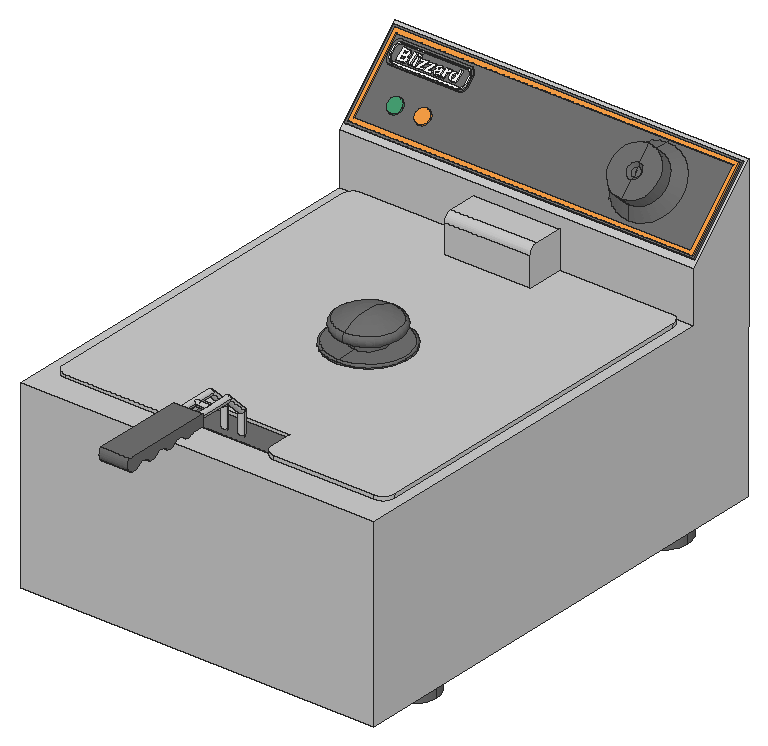
Revit family "QF_BLIZZARD_BF6", category Specialty Equipment, Revit 2016
Family settings
  Part Type = Normal
  Round Connector Dimension = Use Diameter
  OmniClass Number = 23.40.40.14
  OmniClass Title = Food Service Equipment
  Work Plane-Based = No
  Always vertical = Yes
  Cut with Voids When Loaded = No
  Shared = No
  Room Calculation Point = No
Parameters (values of type "BF6")
  URL = "www.blizzardequipment.com"
  Show Logo [instance] = yes
  Show Clearance [instance] = yes
  Model = "BF6"
  Manufacturer = "BLIZZARD"
  Description = "2500W SINGLE TANK ELECTRIC FRYER 6L"
  Assembly Code = "E1090320"
Reference planes
  plane 1 "Back": y = 0
  plane 2: z = 0
  plane 3 "Left": x = 0
  plane 4 "Right": x = 310
  plane 5 "Front": y = -410
  plane 6 "Top": z = 285
Forms (mm)
  Extrusion 1, solid
    sketch origin (0, 0, -120) x (0, 1, 0) y (0, 0, 1)
      loop
        line (0, 345) -> (-60, 345) -> (-60, 300.012) -> (0, 300.012) -> (0, 345)
    from 0 to 310
  Extrusion 2, solid
    sketch origin (0, 0, -45.012) x (0, 1, 0) y (0, 0, 1)
      loop
        line (0, 270.012) -> (0, 330.012) -> (-60, 270.012) -> (0, 270.012)
    from 0 to 310
  Extrusion 3, solid
    sketch origin (0, 0, 0) x (0, 1, 0) y (0, 0, 1)
      loop
        line (0, 180.012) -> (-410, 180.012) -> (-410, 19.509) -> (0, 19.509) -> (0, 180.012)
    from 0 to 310
  Extrusion 4, solid
    sketch origin (0, 0, -55) x (1, 0, 0) y (0, 1, 0)
      loop
        arc (20, -60) -> (12.929, -62.929) -> (10, -70) r 10
        line (10, -70) -> (10, -375)
        arc (10, -375) -> (12.929, -382.071) -> (20, -385) r 10
        line (20, -385) -> (107.5, -385)
        arc (107.5, -385) -> (114.571, -382.071) -> (117.5, -375) r 10
        line (117.5, -375) -> (117.5, -355) -> (192.5, -355) -> (192.5, -375)
        arc (192.5, -375) -> (195.429, -382.071) -> (202.5, -385) r 10
        line (202.5, -385) -> (290, -385)
        arc (290, -385) -> (297.071, -382.071) -> (300, -375) r 10
        line (300, -375) -> (300, -70)
        arc (300, -70) -> (297.071, -62.929) -> (290, -60) r 10
        line (290, -60) -> (192.5, -60) -> (192.5, -92.071) -> (117.5, -92.071) -> (117.5, -60) -> (20, -60)
    from 235.012 to 238.012
  Extrusion 5, solid
    sketch origin (10, 0, -65) x (0, 1, 0) y (0, 0, 1)
      loop
        line (-92.071, 245.012) -> (-60, 245.012) -> (-60, 280.012) -> (-85, 280.012)
        arc (-85, 280.012) -> (-90, 277.941) -> (-92.071, 272.941) r 7.071
        line (-92.071, 272.941) -> (-92.071, 245.012)
    from 107.5 to 182.5
  Extrusion 6, solid
    sketch origin (0, 44.77, 0) x (1, 0, 0) y (0, 1, 0)
      loop
        circle (32.179, -94.77) r 20
    from 0 to 19.509
  Extrusion 7, solid
    sketch origin (245, 44.77, 0) x (1, 0, 0) y (0, 1, 0)
      loop
        circle (32.179, -94.77) r 20
    from 0 to 19.509
  Extrusion 8, solid
    sketch origin (0, -230.23, 0) x (1, 0, 0) y (0, 1, 0)
      loop
        circle (32.179, -94.77) r 20
    from 0 to 19.509
  Extrusion 9, solid
    sketch origin (245, -230.23, 0) x (1, 0, 0) y (0, 1, 0)
      loop
        circle (32.179, -94.77) r 20
    from 0 to 19.509
  Extrusion 10, solid
    sketch origin (142.5, 60, -70) x (0, 1, 0) y (0, 0, 1)
      loop
        line (-479.826, 289.253) -> (-559.619, 289.253)
        arc (-559.619, 289.253) -> (-561.702, 284.152) -> (-559.619, 279.051) r 7.289
        arc (-559.619, 279.051) -> (-554.681, 277.153) -> (-549.826, 279.253) r 7
        arc (-549.826, 279.253) -> (-544.826, 281.354) -> (-539.826, 279.253) r 7
        arc (-539.826, 279.253) -> (-534.826, 277.152) -> (-529.826, 279.253) r 7
        arc (-529.826, 279.253) -> (-524.826, 281.354) -> (-519.826, 279.253) r 7
        arc (-519.826, 279.253) -> (-514.826, 277.152) -> (-509.826, 279.253) r 7
        arc (-509.826, 279.253) -> (-504.826, 281.354) -> (-499.826, 279.253) r 7
        arc (-499.826, 279.253) -> (-494.826, 277.152) -> (-489.826, 279.253) r 7
        line (-489.826, 279.253) -> (-479.826, 279.253) -> (-479.826, 289.253)
    from 0 to 25
  Sweep 11, solid
    path origin (147.5, 60, -70) x (0, 1, 0) y (0, 0, 1)
      loop
        line (-479.826, 284.253) -> (-446.21, 284.253) -> (-430.604, 268.646) -> (-430.604, 246.244)
    profile origin (147.5, -403.018, 214.253) x (0, 0, 1) y (1, 0, 0)
      loop
        circle (0, 0) r 2.5
  Sweep 12, solid
    path origin (162.5, 60, -70) x (0, 1, 0) y (0, 0, -1)
      loop
        line (-479.826, -284.253) -> (-446.21, -284.253) -> (-430.604, -268.646) -> (-430.604, -246.244)
    profile origin (162.5, -403.018, 214.253) x (0, 0, -1) y (-1, 0, 0)
      loop
        circle (0, 0) r 2.5
  Extrusion 13, solid
    sketch origin (10, 60, -55) x (0, 1, 0) y (0, 0, 1)
      loop
        circle (-464.018, 269.245) r 2.153
    from 139.06 to 150.884
  Extrusion 14, solid
    sketch origin (363.088, -120.807, 164.193) x (1, 0, 0) y (0, 0.707106, 0.707108)
      loop
        line (-361.088, 168) -> (-361.088, 92) -> (-55.088, 92) -> (-55.088, 168) -> (-361.088, 168)
    from 0 to 2
  Extrusion 15, solid
    sketch origin (363.088, -120.948, 164.335) x (1, 0, 0) y (0, 0.707106, 0.707108)
      loop
        line (-359.088, 166) -> (-359.088, 94) -> (-57.088, 94) -> (-57.088, 166) -> (-359.088, 166)
      loop
        line (-356.088, 163) -> (-356.088, 97) -> (-60.088, 97) -> (-60.088, 163) -> (-356.088, 163)
    from 0 to 2
  Revolve 16, solid
    sketch origin (246.138, 343.763, -209.866) x (0, 0.707108, -0.707106) y (0, 0.707106, 0.707108)
      loop
        line (-595, 97) -> (-603.953, 88.047) -> (-615.72, 88.047) -> (-615.72, 73.047) -> (-613.494, 70.821) -> (-613.494, 66.623) -> (-595, 66.623) -> (-595, 97)
      axis (-595, 66.623) -> (-615.72, 66.623)
    angle from 0 to 360
  Extrusion 17, solid
    sketch origin (-215.915, -77.229, 209.572) x (1, 0, 0) y (0, 0.707106, 0.707108)
      loop
        circle (248.792, 52.683) r 6.466
    from -0.205 to 1.127
  Extrusion 18, solid, visible <- "Show Logo"
    sketch origin (-13.221, -115.976, 169.589) x (1, 0, 0) y (0, 0.707106, 0.707108)
      loop
        arc (22.13, 139.05) -> (23.822, 134.965) -> (27.907, 133.273) r 5.777
        line (27.907, 133.273) -> (86.809, 133.273)
        arc (86.809, 133.273) -> (90.894, 134.965) -> (92.585, 139.05) r 5.777
        line (92.585, 139.05) -> (92.585, 147.215)
        arc (92.585, 147.215) -> (90.894, 151.299) -> (86.809, 152.991) r 5.777
        line (86.809, 152.991) -> (27.907, 152.991)
        arc (27.907, 152.991) -> (23.822, 151.299) -> (22.13, 147.215) r 5.777
        line (22.13, 147.215) -> (22.13, 139.05)
    from 0 to 2
  Extrusion 19, solid, visible <- "Show Logo"
    sketch origin (-13.221, -112.576, 173.272) x (1, 0, 0) y (0, 0.707106, 0.707108)
      loop
        line (30.3, 133.137) -> (36.162, 133.137)
        arc (36.162, 133.137) -> (39.122, 134.994) -> (38.048, 138.319) r 2.844
        arc (38.048, 138.319) -> (38.838, 141.267) -> (36.338, 143.017) r 2.66
        line (36.338, 143.017) -> (31.338, 143.017) -> (30.3, 133.137)
      loop
        line (33.066, 135.126) -> (35.993, 135.126)
        arc (35.993, 135.126) -> (36.943, 136.076) -> (35.993, 137.026) r 0.95
        line (35.993, 137.026) -> (33.066, 137.026) -> (33.066, 135.126)
      loop
        line (33.528, 139.285) -> (36.147, 139.285)
        arc (36.147, 139.285) -> (36.994, 140.133) -> (36.147, 140.98) r 0.847
        line (36.147, 140.98) -> (33.528, 140.98) -> (33.528, 139.285)
      loop
        line (40.306, 133.137) -> (42.874, 133.137) -> (43.912, 143.017) -> (41.344, 143.017) -> (40.306, 133.137)
      loop
        line (45.174, 140.98) -> (47.749, 140.98) -> (47.964, 143.017) -> (45.389, 143.017) -> (45.174, 140.98)
      loop
        line (45.104, 140.313) -> (44.35, 133.137) -> (46.671, 133.137) -> (47.425, 140.313) -> (45.104, 140.313)
      loop
        line (48.314, 138.359) -> (51.196, 138.359) -> (47.765, 134.548) -> (47.765, 133.137) -> (54.184, 133.137) -> (54.393, 135.126) -> (51.213, 135.126) -> (54.657, 138.952) -> (54.657, 140.313) -> (48.519, 140.313) -> (48.314, 138.359)
      loop
        line (55.213, 138.359) -> (58.095, 138.359) -> (54.664, 134.548) -> (54.664, 133.137) -> (61.084, 133.137) -> (61.293, 135.126) -> (58.112, 135.126) -> (61.557, 138.952) -> (61.557, 140.313) -> (55.419, 140.313) -> (55.213, 138.359)
      loop
        arc (64.816, 137.983) -> (65.785, 138.952) -> (66.753, 137.983) r 0.969
        line (66.753, 137.983) -> (64.711, 137.436)
        arc (64.711, 137.436) -> (62.642, 134.297) -> (66.342, 133.633) r 2.251
        line (66.342, 133.633) -> (66.77, 132.921) -> (69.168, 132.921) -> (68.641, 134.052) -> (69.084, 138.274)
        arc (69.084, 138.274) -> (65.782, 140.567) -> (62.514, 138.225) r 3.488
        line (62.514, 138.225) -> (64.816, 137.983)
      loop
        line (69.848, 133.137) -> (72.232, 133.137) -> (72.59, 136.546)
        arc (72.59, 136.546) -> (73.413, 137.974) -> (75.025, 138.32) r 2.029
        line (75.025, 138.32) -> (75.83, 140.313)
        arc (75.83, 140.313) -> (74.279, 140.541) -> (72.927, 139.749) r 2.362
        line (72.927, 139.749) -> (72.927, 140.627) -> (70.635, 140.627) -> (69.848, 133.137)
      loop
        line (82.596, 133.137) -> (83.635, 143.017) -> (81.373, 143.017) -> (81.031, 139.764)
        arc (81.031, 139.764) -> (75.402, 137.124) -> (80.359, 133.372) r 3.631
        line (80.359, 133.372) -> (82.596, 133.137)
      loop
        spline (78.956, 134.82) -> (79.32, 134.851) -> (79.675, 135.016) -> (79.994, 135.304) -> (80.258, 135.695) -> (80.446, 136.164) -> (80.548, 136.677) -> (80.555, 137.2) -> (80.468, 137.697) -> (80.292, 138.134) -> (80.039, 138.483) -> (79.727, 138.718) -> (79.376, 138.823)
        spline (79.376, 138.823) -> (79.011, 138.793) -> (78.657, 138.628) -> (78.338, 138.34) -> (78.074, 137.948) -> (77.886, 137.48) -> (77.784, 136.967) -> (77.777, 136.444) -> (77.864, 135.947) -> (78.04, 135.509) -> (78.293, 135.161) -> (78.605, 134.926) -> (78.956, 134.82)
      loop
        line (66.385, 136.28) -> (64.729, 135.958)
        arc (64.729, 135.958) -> (64.361, 135.233) -> (65.042, 134.788) r 0.609
        arc (65.042, 134.788) -> (66.068, 135.215) -> (66.385, 136.28) r 1.295
      loop
        line (85.459, 146.184) -> (29.578, 146.184)
        arc (29.578, 146.184) -> (25.494, 144.492) -> (23.802, 140.407) r 5.777
        line (23.802, 140.407) -> (23.802, 135.662)
        arc (23.802, 135.662) -> (25.494, 131.578) -> (29.578, 129.886) r 5.777
        line (29.578, 129.886) -> (85.459, 129.886)
        arc (85.459, 129.886) -> (89.544, 131.578) -> (91.236, 135.662) r 5.777
        line (91.236, 135.662) -> (91.236, 140.407)
        arc (91.236, 140.407) -> (89.544, 144.492) -> (85.459, 146.184) r 5.777
      loop
        line (85.459, 145.184) -> (29.578, 145.184)
        arc (29.578, 145.184) -> (26.201, 143.785) -> (24.802, 140.407) r 4.777
        line (24.802, 140.407) -> (24.802, 135.662)
        arc (24.802, 135.662) -> (26.201, 132.285) -> (29.578, 130.886) r 4.777
        line (29.578, 130.886) -> (85.459, 130.886)
        arc (85.459, 130.886) -> (88.837, 132.285) -> (90.236, 135.662) r 4.777
        line (90.236, 135.662) -> (90.236, 140.407)
        arc (90.236, 140.407) -> (88.837, 143.785) -> (85.459, 145.184) r 4.777
    from 0 to 2
  Extrusion 20, solid
    sketch origin (-191.544, -77.242, 209.559) x (1, 0, 0) y (0, 0.707106, 0.707108)
      loop
        circle (248.792, 52.683) r 6.466
    from -0.205 to 1.127
  Revolve 21, solid
    sketch origin (155, -26.981, -6.975) x (0, 1, 0) y (0, 0, 1)
      loop
        line (-195.519, 217.81) -> (-195.519, 189.988) -> (-160.519, 189.988) -> (-160.519, 190.988)
        arc (-160.519, 190.988) -> (-160.942, 192.009) -> (-161.964, 192.433) r 1.445
        line (-161.964, 192.433) -> (-180.519, 192.433) -> (-180.519, 197.48)
        arc (-180.519, 197.48) -> (-174.917, 199.623) -> (-169.559, 202.319) r 59.477
        arc (-169.559, 202.319) -> (-167.282, 206.232) -> (-169.559, 210.145) r 4.5
        arc (-169.559, 210.145) -> (-182.097, 215.474) -> (-195.519, 217.81) r 59.477
      axis (-195.519, 189.988) -> (-195.519, 217.81)
    angle from 0 to 360
  Extrusion 22, solid
    sketch origin (0, 0, 178.512) x (1, 0, 0) y (0, 1, 0)
      loop
        arc (117.5, -375) -> (117.159, -377.588) -> (116.16, -380) r 10
        line (116.16, -380) -> (193.84, -380)
        arc (193.84, -380) -> (192.841, -377.588) -> (192.5, -375) r 10
        line (192.5, -375) -> (192.5, -355) -> (117.5, -355) -> (117.5, -375)
    from 0 to 2
Cuts and joins
  joined: Extrusion 1, Extrusion 2, Extrusion 3
Lines and regions (mm)
  reference lines
    curve 1: line (0, -183.475, 1485) -> (0, -697.791, 1021.908)
  symbolic lines, style "200-EquipBorder-2D"
    curve 2: line (0, 0, 0) -> (310, 0, 0)
    curve 3: line (0, -410, 0) -> (0, 0, 0)
    curve 4: line (310, -410, 0) -> (165, -410, 0)
    curve 5: line (310, 0, 0) -> (310, -410, 0)
    curve 27: line (167.5, -501.702, 0) -> (142.5, -501.702, 0)
    curve 28: line (142.5, -501.702, 0) -> (142.5, -419.826, 0)
    curve 29: line (142.5, -419.826, 0) -> (167.5, -419.826, 0)
    curve 30: line (167.5, -419.826, 0) -> (167.5, -501.702, 0)
    curve 31: line (145.028, -370.228, 0) -> (145.028, -419.826, 0)
    curve 32: line (150, -370.604, 0) -> (150, -401.742, 0)
    curve 33: line (160.028, -370.979, 0) -> (160.028, -401.742, 0)
    curve 34: line (165, -370.604, 0) -> (165, -419.826, 0)
    curve 35: line (160, -419.826, 0) -> (160, -406.195, 0)
    curve 36: line (160, -406.195, 0) -> (150, -406.195, 0)
    curve 37: line (150, -406.195, 0) -> (150, -419.826, 0)
    curve 38: arc (150, -370.604, 0) -> (147.688, -368.111, 0) -> (145.028, -370.228, 0) r 2.5
    curve 39: arc (165, -370.604, 0) -> (162.312, -368.111, 0) -> (160.028, -370.979, 0) r 2.5
    curve 42: line (150, -401.742, 0) -> (160.028, -401.742, 0)
    curve 44: line (145.028, -410, 0) -> (0, -410, 0)
    curve 45: line (160, -410, 0) -> (150, -410, 0)
  symbolic lines, style "200-EquipInternal-2D"
    curve 6: line (117.5, -60, 0) -> (117.5, -92.071, 0)
    curve 7: line (117.5, -92.071, 0) -> (192.5, -92.071, 0)
    curve 8: line (192.5, -92.071, 0) -> (192.5, -60, 0)
    curve 9: line (117.5, -375, 0) -> (117.5, -355, 0)
    curve 10: line (117.5, -355, 0) -> (192.5, -355, 0)
    curve 11: line (192.5, -355, 0) -> (192.5, -375, 0)
    curve 12: line (20, -385, 0) -> (107.5, -385, 0)
    curve 13: arc (20, -60, 0) -> (12.929, -62.929, 0) -> (10, -70, 0) r 10
    curve 14: line (0, -60, 0) -> (310, -60, 0)
    curve 15: line (10, -375, 0) -> (10, -70, 0)
    curve 16: line (300, -70, 0) -> (300, -375, 0)
    curve 17: arc (300, -70, 0) -> (297.071, -62.929, 0) -> (290, -60, 0) r 10
    curve 18: arc (10, -375, 0) -> (12.929, -382.071, 0) -> (20, -385, 0) r 10
    curve 19: arc (107.5, -385, 0) -> (114.571, -382.071, 0) -> (117.5, -375, 0) r 10
    curve 20: arc (192.5, -375, 0) -> (195.429, -382.071, 0) -> (202.5, -385, 0) r 10
    curve 21: arc (290, -385, 0) -> (297.071, -382.071, 0) -> (300, -375, 0) r 10
    curve 22: spline (224.713, -45.073, 0) -> (218.098, -38.101, 0) -> (215.76, -29.868, 0) -> (218.058, -21.63, 0) -> (224.639, -14.642, 0) -> (234.501, -9.972, 0) -> (246.138, -8.332, 0) -> (257.775, -9.972, 0) -> (267.636, -14.642, 0) -> (274.218, -21.63, 0) -> (276.515, -29.868, 0) -> (274.177, -38.101, 0) -> (267.562, -45.073, 0)
    curve 23: spline (267.562, -44.47, 0) -> (266.832, -48.394, 0) -> (264.692, -52.051, 0) -> (261.287, -55.191, 0) -> (256.85, -57.601, 0) -> (251.683, -59.116, 0) -> (246.138, -59.632, 0) -> (240.593, -59.116, 0) -> (235.425, -57.601, 0) -> (230.988, -55.191, 0) -> (227.584, -52.051, 0) -> (225.443, -48.394, 0) -> (224.713, -44.47, 0) -> (225.443, -40.545, 0) -> (227.584, -36.888, 0) -> (230.988, -33.748, 0) -> (235.425, -31.338, 0) -> (240.593, -29.824, 0) -> (246.138, -29.307, 0) -> (251.683, -29.824, 0) -> (256.85, -31.338, 0) -> (261.287, -33.748, 0) -> (264.692, -36.888, 0) -> (266.832, -40.545, 0) -> (267.562, -44.47, 0)
    curve 24: spline (267.562, -36.168, 0) -> (266.832, -32.243, 0) -> (264.692, -28.586, 0) -> (261.287, -25.446, 0) -> (256.85, -23.036, 0) -> (251.683, -21.522, 0) -> (246.138, -21.005, 0) -> (240.593, -21.522, 0) -> (235.425, -23.036, 0) -> (230.988, -25.446, 0) -> (227.584, -28.586, 0) -> (225.443, -32.243, 0) -> (224.713, -36.168, 0)
    curve 25: line (224.713, -36.168, 0) -> (224.713, -45.073, 0)
    curve 26: line (267.562, -36.168, 0) -> (267.562, -45.073, 0)
    curve 40: circle (155, -222.5, 0) r 35 normal (0, 0, 1)
    curve 41: circle (155, -222.5, 0) r 28 normal (0, 0, 1)
    curve 43: line (202.5, -385, 0) -> (290, -385, 0)
    curve 46: line (116.16, -380, 0) -> (145.028, -380, 0)
    curve 47: line (150, -380, 0) -> (160.028, -380, 0)
    curve 48: line (165, -380, 0) -> (193.84, -380, 0)
Dimensions and locks
  plane 3 "Left" to plane 4 "Right" = 310 mm
  plane 5 "Front" to plane 1 "Back" = 410 mm
  plane 1 "Back" to plane 5 "Front" = 410 mm
  plane 4 "Right" to plane 3 "Left" = 310 mm  (x2)
  plane 6 "Top" to level = 285 mm  (x2)
  aligned and locked: level to plane 2
